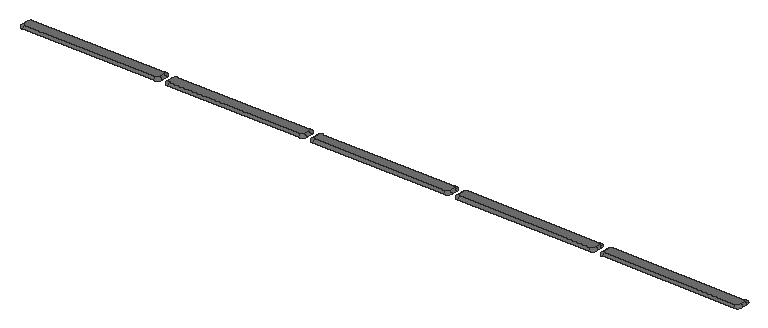
Revit family "Taktila - Ledelinje (280mm) - NCS8000", category Generic Models, Revit 2023
Family settings
  Can host rebar = No
  Round Connector Dimension = Use Diameter
  Part Type = Normal
  Cut with Voids When Loaded = No
  Maintain Annotation Orientation = No
  Shared = No
  Room Calculation Point = No
Parameters
  Sklisikkerthet [instance] = "R10 (Ihht. DIN 51130-2104)"
  Number_of_Brackets [instance] = rounddown([built-in parameter 1001306] / Max_Bracket_Spacing)  # 5
  Mål [instance] = "L: 280mm / B: 30mm / H: 3,6mm - Ø: 30mm / H: 3,6mm"
  Max_Bracket_Spacing [instance] = 288 mm
  Materiale [instance] = "Resirkulert nylon plast. PA 15%gf"
  Material [instance] = Taktila - Antrasitt Grå
  built-in parameter 1001306 [instance] = 1600 mm
  Innfesting [instance] = "3M™ VHB™ tape"
  Farge [instance] = "NCS8000 Antrasitt Grå"
  EDP [instance] = "Miljødeklarasjon"
  Default Elevation = 0 mm
  Bracket_Spacing [instance] = 288 mm
Reference planes
  plane 1 "Center (Front/Back)": y = 0
  plane 2: z = 0
  plane 3 "Left": x = 0
  plane 4 "Right": x = 1600
  plane 5: x = 288
Lines and regions (mm)
  reference lines
    curve 1: line (0, 0, 0) -> (1600, 0, 0)
Dimensions and locks
  "built-in parameter 1001306": plane 3 "Left" to plane 4 "Right"
  equal spacing: group 1, group 2, group 3, group 4, group 5  (x3)
  "Bracket_Spacing": plane 3 "Left" to plane 5
  aligned and locked: plane 4 "Right" to curve 1
  aligned and locked: plane 1 "Center (Front/Back)" to curve 1
  aligned and locked: plane 3 "Left" to curve 1
  aligned and locked: level to plane 2
  aligned and locked: plane 3 "Left" to nested 1
  aligned and locked: curve 1 to nested 1
  aligned and locked: plane 5 to nested 2
Nested families
  nested 1: "Taktila - Objekt 2 - (Lang 280mm)" at (140, 0, 0), type "Taktila - Objekt 2 - (Lang 280mm)"
  nested 2: "Taktila - Objekt 2 - (Lang 280mm)" at (428, 0, 0), type "Taktila - Objekt 2 - (Lang 280mm)"
  nested 3: "Taktila - Objekt 2 - (Lang 280mm)" at (716, 0, 0), type "Taktila - Objekt 2 - (Lang 280mm)"
  nested 4: "Taktila - Objekt 2 - (Lang 280mm)" at (1004, 0, 0), type "Taktila - Objekt 2 - (Lang 280mm)"
  nested 5: "Taktila - Objekt 2 - (Lang 280mm)" at (1292, 0, 0), type "Taktila - Objekt 2 - (Lang 280mm)"
Definition of nested family "Taktila - Objekt 2 - (Lang 280mm)"
  Parameters (values of type "Taktila - Objekt 2 - (Lang 280mm)")
    Sklisikkerhet [instance] = "R10 (Ihht. DIN 51130-2104)"
    Materiale [instance] = "Resirkulert nylon plast. PA 15%gf"
    Mål [instance] = "L: 280mm / B: 30mm / H: 3,6mm - Ø: 30mm / H: 3,6mm"
    Material [instance] = none
    Innfesting [instance] = "3M™ VHB™ tape"
    Farge [instance] = "NCS 8000-N - Antrasitt Grå"
    EDP [instance] = "Miljødeklarasjon"
    Default Elevation = 0 mm
  Reference planes
    plane 1 "Center (Front/Back)": y = 0
    plane 2: z = 0
    plane 3 "Center (Left/Right)": x = 0
  Forms (mm)
    Blend 1, solid
      base sketch origin (0, 0, 0) x (1, 0, 0) y (0, 1, 0)
        loop
          arc (-130, 15) -> (-137.071, 12.071) -> (-140, 5) r 10
          line (-140, 5) -> (-140, -5)
          arc (-140, -5) -> (-137.071, -12.071) -> (-130, -15) r 10
          line (-130, -15) -> (130, -15)
          arc (130, -15) -> (137.071, -12.071) -> (140, -5) r 10
          line (140, -5) -> (140, 5)
          arc (140, 5) -> (137.071, 12.071) -> (130, 15) r 10
          line (130, 15) -> (-130, 15)
      top sketch origin (0, 0, 0) x (1, 0, 0) y (0, 1, 0)
        loop
          arc (-130, 10) -> (-133.536, 8.536) -> (-135, 5) r 5
          line (-135, 5) -> (-135, -5)
          arc (-135, -5) -> (-133.536, -8.536) -> (-130, -10) r 5
          line (-130, -10) -> (130, -10)
          arc (130, -10) -> (133.536, -8.536) -> (135, -5) r 5
          line (135, -5) -> (135, 5)
          arc (135, 5) -> (133.536, 8.536) -> (130, 10) r 5
          line (130, 10) -> (-130, 10)
      from 0 to 3.6
  Dimensions and locks
    aligned and locked: level to plane 2
